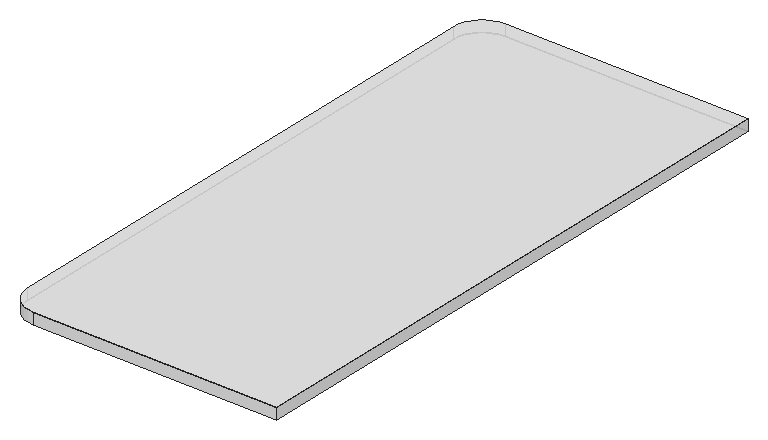
Revit family "Haworth_msit_Table_Connection2", category Furniture, Revit 2018
Family settings
  OmniClass Number = 23.40.70.14.64.21
  OmniClass Title = Systems Furniture
  Work Plane-Based = No
  Always vertical = Yes
  Cut with Voids When Loaded = No
  Shared = No
  Room Calculation Point = No
Parameters (values of type "TOMS-ET02")
  Warranty = "http://www.haworth.com/product-info/warranties"
  URL - Product = "http://www.haworth.com/products/seating/lounge-chairs/m_sit"
  Table Finish = Haworth _ Glass _ Frosted
  Model = "TOMS-ET02"
  Description = "Haworth m_sit Table Connection 2"
  URL = "http://www.haworth.com/our-brands/haworth-collection"
  Size = "Verify Final Dim. w/ Haworth"  # constant formula
  Revision Number = "4"  # constant formula
  Manufacturer = "Haworth"  # constant formula
  Author = "Haworth (Hampton)"  # constant formula
  Assembly Code = "E2020200"
  Actual Width = 8 1/4"  # constant formula
  Actual Height = 25"  # constant formula
  Actual Depth = 17 15/16"  # constant formula
Reference planes (in)
  plane 1 "Center F/B": y = 0
  plane 2: z = 0
  plane 3 "Center L/R": x = 0
  plane 4 "Table Left": x = -4.125
  plane 5 "Table Right": x = 4.125
  plane 6 "Frame Back": y = 8.96875
  plane 7 "Frame Front": y = -8.96875
  plane 8 "Top": z = 25
Forms (in)
  Extrusion 1, solid, material "Haworth _ Glass _ Frosted" <- "Table Finish"
    sketch origin (0, 0, 25) x (-1, 0, 0) y (0, -1, 0)
      loop
        arc (3.25, -8.96875) -> (3.86872, -8.71247) -> (4.125, -8.09375) r 0.875
        line (4.125, -8.09375) -> (4.125, 8.09375)
        arc (4.125, 8.09375) -> (3.86872, 8.71247) -> (3.25, 8.96875) r 0.875
        line (3.25, 8.96875) -> (-4.125, 8.96875) -> (-4.125, -8.96875) -> (3.25, -8.96875)
    from 0 to -0.3521
Lines and regions (in)
  Masking region 1
    outline origin (0, 0, 25) x (-1, 0, 0) y (0, -1, 0)
      loop
        arc (3.25, -8.96875) -> (3.86872, -8.71247) -> (4.125, -8.09375) r 0.875
        line (4.125, -8.09375) -> (4.125, 8.09375)
        arc (4.125, 8.09375) -> (3.86872, 8.71247) -> (3.25, 8.96875) r 0.875
        line (3.25, 8.96875) -> (-4.125, 8.96875) -> (-4.125, -8.96875) -> (3.25, -8.96875)
Dimensions and locks (in)
  "Actual Width": plane 4 "Table Left" to plane 5 "Table Right"
  equal spacing: plane 4 "Table Left", plane 3 "Center L/R", plane 5 "Table Right"
  "Actual Depth": plane 6 "Frame Back" to plane 7 "Frame Front"
  equal spacing: plane 6 "Frame Back", plane 1 "Center F/B", plane 7 "Frame Front"
  "Actual Height": plane 8 "Top" to level
  aligned and locked: plane 5 "Table Right" to Extrusion 1
  aligned and locked: plane 4 "Table Left" to Extrusion 1
  aligned and locked: plane 6 "Frame Back" to Extrusion 1
  aligned and locked: Extrusion 1 to plane 7 "Frame Front"
Automatic sketch dimensions
  Extrusion 1 sketch curve to plane 5 "Table Right" = 0"
  Extrusion 1 sketch curve to plane 6 "Frame Back" = 0"
  Extrusion 1 sketch curve to plane 7 "Frame Front" = 0"
  Extrusion 1 sketch curve to plane 4 "Table Left" = 0"
  Extrusion 1 sketch curve to plane 4 "Table Left" = 7/8"  (x2)
  Masking region 1 sketch curve to plane 5 "Table Right" = 0"
  Masking region 1 sketch curve to plane 6 "Frame Back" = 0"
  Masking region 1 sketch curve to plane 4 "Table Left" = 0"
  Masking region 1 sketch curve to plane 4 "Table Left" = 7/8"  (x2)
  Masking region 1 sketch curve to plane 7 "Frame Front" = 0"
